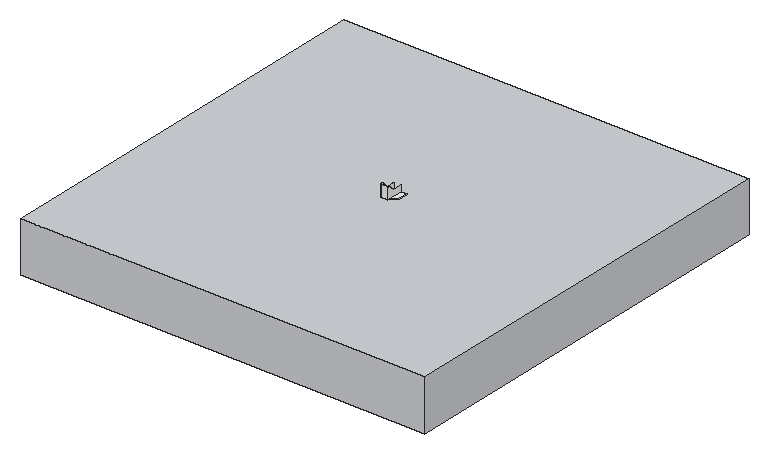
Revit family "JOMA_Balksko kombi_Grundform 238", category Structural Connections, host Face, Revit 2012
Parameters (values of type "5240099  40x99")
  Y = 52 mm
  X = 35 mm
  Vikt = "0,24"
  Typ = "GRUNDFORM 238"
  Spikmönster 2 [instance] = no
  Spikmönster 1 [instance] = no
  Spik/skruv i sekundär [instance] = "ANKARSPIK 4,0x40"
  Spik/skruv i primär [instance] = "ANKARSPIK 4,0x40"
  Material = Varmförzinkad stålplåt
  Länk Joma Dimensioneringsverktyg = "http://www.joma.se/dimensioneringsverktyg"
  Grundform 238 = yes
  F = 70 mm
  E = 37 mm
  Default Elevation = 1219.2 mm
  D = 37 mm
  Bultplacering 2 [instance] = no
  Bultplacering 1 [instance] = no
  Bult [instance] = "BULT M8"
  B = 99 mm
  Antal spik/skruv i sekundär [instance] = if(and(Spikmönster 1, Grundform 238), 4, if(and(Spikmönster 2, Grundform 238), 2, if(and(Bultplacering 1, Grundform 238), 4, 0)))  # 0
  Antal spik/skruv i primär [instance] = if(and(Spikmönster 1, Grundform 238), 6, if(and(Spikmönster 2, Grundform 238), 4, if(and(Bultplacering 1, Grundform 238), 1, 0)))  # 0
  A = 40 mm
  238 Spikmönster 2 [instance] = and(Grundform 238, Spikmönster 2, not(or(Spikmönster 1, Bultplacering 1, Bultplacering 2)))  # no
  238 Spikmönster 1 [instance] = and(Grundform 238, Spikmönster 1, not(or(Spikmönster 2, Bultplacering 1, Bultplacering 2)))  # no
  238 Bultplacering 1 [instance] = and(Grundform 238, Bultplacering 1, not(or(Spikmönster 1, Spikmönster 2, Bultplacering 2)))  # no
Types (4, lengths in mm): name | B | A
  5240099  40x99 | 99 | 40
  5245096  45x96 | 96 | 45
  5248095  48x95 | 95 | 48
  5251093  51x93 | 93 | 51
Reference planes
  plane 1 "Center (Front/Back)": y = 0
  plane 2: z = 0
  plane 3 "Center (Left/Right)": x = 0
  plane 4: x = -20
  plane 5: x = 20
  plane 6: y = -2
  plane 7: x = -22
  plane 8: x = 22
  plane 9: y = 97
  plane 10: z = 2
  plane 11: z = 72
  plane 12: y = 10
  plane 13: y = 45
  plane 14: x = 57
  plane 15: x = -57
  plane 16: z = 37
Forms (mm)
  Extrusion 1, solid
    sketch origin (0, 0, 0) x (1, 0, 0) y (0, 1, 0)
      loop
        line (-1219.2, 1219.2) -> (-1219.2, -1219.2) -> (1219.2, -1219.2) -> (1219.2, 1219.2) -> (-1219.2, 1219.2)
    from 0 to -304.8
  Extrusion 2, solid, material "Varmförzinkad stålplåt" <- "Material"
    sketch origin (0, 0, 0) x (1, 0, 0) y (0, 1, 0)
      loop
        line (-20, 97) -> (-22, 97) -> (-22, 0)
        arc (-22, 0) -> (-21.414, -1.414) -> (-20, -2) r 2
        line (-20, -2) -> (20.004, -2)
        arc (20.004, -2) -> (21.415, -1.415) -> (22, -0.004) r 1.996
        line (22, -0.004) -> (22, 97) -> (20, 97) -> (20, 0) -> (-20, 0) -> (-20, 97)
    from 2 to 72
  Extrusion 3, solid, material "Varmförzinkad stålplåt" <- "Material"
    sketch origin (0, 0, 0) x (1, 0, 0) y (0, 1, 0)
      loop
        line (20, 97) -> (20, 10) -> (57, 10) -> (57, 97) -> (20, 97)
    from 0 to 2
  Extrusion 4, void
    sketch origin (0, 0, 0) x (1, 0, 0) y (0, 1, 0)
      loop
        line (22, 10) -> (57, 10) -> (57, 45) -> (22, 10)
    from 0 to 2
  Extrusion 5, solid, material "Varmförzinkad stålplåt" <- "Material"
    sketch origin (0, 0, 0) x (-1, 0, 0) y (0, -1, 0)
      loop
        line (20, -97) -> (57, -97) -> (57, -10) -> (20, -10) -> (20, -97)
    from 0 to 2
  Extrusion 6, void
    sketch origin (0, 0, 0) x (1, 0, 0) y (0, 1, 0)
      loop
        line (-22, 10) -> (-57, 45) -> (-57, 10) -> (-22, 10)
    from 0 to 250
  Extrusion 7, void
    sketch origin (0, 0, 0) x (0, 1, 0) y (0, 0, 1)
      loop
        line (97, 72) -> (10, 72) -> (45, 37) -> (97, 37) -> (97, 72)
    from -22 to 22
  Extrusion 8, void
    sketch origin (0, 0, 0) x (1, 0, 0) y (0, 0, 1)
      loop
        arc (22, 0) -> (20.586, 0.586) -> (20, 2) r 2
        line (20, 2) -> (20, 0) -> (22, 0)
    from -97 to -10
  Extrusion 9, void
    sketch origin (0, 0, 0) x (1, 0, 0) y (0, 0, 1)
      loop
        arc (-20, 2) -> (-20.586, 0.586) -> (-22, 0) r 2
        line (-22, 0) -> (-20, 0) -> (-20, 2)
    from -97 to -10
Cuts and joins
  Extrusion 7 cuts Extrusion 2
  Extrusion 4, Extrusion 8 cuts Extrusion 3
  Extrusion 6, Extrusion 9 cuts Extrusion 5
  joined: Extrusion 2, Extrusion 3, Extrusion 5
Lines and regions (mm)
  symbolic lines, visible <- "Grundform 238"
    curve 1: circle (-31.5, 90.5, 0) r 2.5 normal (0, 0, 1)
    curve 2: circle (-49, 80.5, 0) r 2.5 normal (0, 0, 1)
    curve 3: circle (-31.5, 70.5, 0) r 2.5 normal (0, 0, 1)
    curve 4: circle (-49, 60.5, 0) r 2.5 normal (0, 0, 1)
    curve 5: circle (-31.5, 50.5, 0) r 2.5 normal (0, 0, 1)
    curve 6: circle (-31.5, 30.5, 0) r 2.5 normal (0, 0, 1)
    curve 7: circle (-40, 56, 0) r 4.5 normal (0, 0, 1)
    curve 15: circle (0, 90.5, 29) r 2.5 normal (1, 0, 0)
    curve 16: circle (0, 70.5, 29) r 2.5 normal (1, 0, 0)
    curve 17: circle (0, 50.5, 29) r 2.5 normal (1, 0, 0)
    curve 18: circle (0, 30.5, 29) r 2.5 normal (1, 0, 0)
    curve 23: circle (31.5, 90.5, 0) r 2.5 normal (0, 0, -1)
    curve 24: circle (49, 80.5, 0) r 2.5 normal (0, 0, -1)
    curve 25: circle (31.5, 70.5, 0) r 2.5 normal (0, 0, -1)
    curve 26: circle (49, 60.5, 0) r 2.5 normal (0, 0, -1)
    curve 27: circle (31.5, 50.5, 0) r 2.5 normal (0, 0, -1)
    curve 28: circle (31.5, 30.5, 0) r 2.5 normal (0, 0, -1)
    curve 29: circle (40, 56, 0) r 4.5 normal (0, 0, -1)
  symbolic lines, visible <- "Grundform 238", not visible
    curve 8: circle (-31.5, 90.5, 0) r 2.5 normal (0, 0, 1)
    curve 9: circle (-49, 80.5, 0) r 2.5 normal (0, 0, 1)
    curve 10: circle (-31.5, 70.5, 0) r 2.5 normal (0, 0, 1)
    curve 11: circle (-49, 60.5, 0) r 2.5 normal (0, 0, 1)
    curve 12: circle (-31.5, 50.5, 0) r 2.5 normal (0, 0, 1)
    curve 13: circle (-31.5, 30.5, 0) r 2.5 normal (0, 0, 1)
    curve 14: circle (-40, 56, 0) r 4.5 normal (0, 0, 1)
    curve 19: circle (0, 90.5, 29) r 2.5 normal (1, 0, 0)
    curve 20: circle (0, 70.5, 29) r 2.5 normal (1, 0, 0)
    curve 21: circle (0, 50.5, 29) r 2.5 normal (1, 0, 0)
    curve 22: circle (0, 30.5, 29) r 2.5 normal (1, 0, 0)
    curve 30: circle (726.5, 90.5, 0) r 2.5 normal (0, 0, -1)
    curve 31: circle (744, 80.5, 0) r 2.5 normal (0, 0, -1)
    curve 32: circle (726.5, 70.5, 0) r 2.5 normal (0, 0, -1)
    curve 33: circle (744, 60.5, 0) r 2.5 normal (0, 0, -1)
    curve 34: circle (726.5, 50.5, 0) r 2.5 normal (0, 0, -1)
    curve 35: circle (726.5, 30.5, 0) r 2.5 normal (0, 0, -1)
    curve 36: circle (735, 56, 0) r 4.5 normal (0, 0, -1)
Text (mm)
  text "Primärbalk" at (328.941, 539.253, 0), in view "Ref. Level"
  text "Sekundärbalk" at (0, -172.393, 341.357), in view "Left"
Dimensions and locks
  equal spacing: plane 4, plane 3 "Center (Left/Right)", plane 5
  "A": plane 4 to plane 5
  "B": plane 9 to plane 6
  plane 7 to plane 4 = 2 mm
  plane 5 to plane 8 = 2 mm
  plane 1 "Center (Front/Back)" to plane 6 = 2 mm
  plane 10 to Extrusion 1 = 2 mm
  "F": plane 11 to plane 10
  "Y": plane 9 to plane 13
  "X": plane 12 to plane 13
  "D": plane 5 to plane 14
  "D": plane 15 to plane 4
  "E": plane 16 to Extrusion 1
  locked: plane 9 to curve 15 at 6.5
  locked: plane 16 to curve 15 at 8
  locked: plane 9 to curve 1 at 6.5
  locked: plane 15 to curve 2 at 8
  locked: curve 24 to plane 14 at 8
  locked: plane 9 to curve 23 at 6.5
  aligned and locked: plane 2 to Extrusion 1
  aligned and locked: level to Extrusion 1
  aligned and locked: Extrusion 2 to plane 7
  aligned and locked: plane 9 to Extrusion 2  (x2)
  aligned and locked: plane 8 to Extrusion 2
  aligned and locked: Extrusion 2 to plane 5
  aligned and locked: Extrusion 2 to plane 6
  aligned and locked: Extrusion 2 to plane 1 "Center (Front/Back)"
  aligned and locked: plane 4 to Extrusion 2
  aligned and locked: plane 11 to Extrusion 2
  aligned and locked: Extrusion 2 to Extrusion 7
  aligned and locked: Extrusion 7 to Extrusion 2
  aligned and locked: Extrusion 8 to plane 5
  aligned and locked: Extrusion 8 to level
  aligned and locked: plane 9 to Extrusion 8
  aligned and locked: plane 12 to Extrusion 8
  aligned and locked: Extrusion 5 to Extrusion 6
  aligned and locked: plane 9 to Extrusion 5
  aligned and locked: plane 4 to Extrusion 5
  aligned and locked: plane 12 to Extrusion 5
  aligned and locked: plane 15 to Extrusion 6
  aligned and locked: plane 12 to Extrusion 6
  aligned and locked: plane 4 to Extrusion 9
  aligned and locked: Extrusion 9 to level
  aligned and locked: Extrusion 8 to plane 2
  aligned and locked: plane 9 to Extrusion 9
  aligned and locked: plane 12 to Extrusion 9
Automatic sketch dimensions
  Extrusion 1 sketch curve to Extrusion 1 sketch curve = 2438.4 mm  (x2)
  curve 4 to curve 2 = 0 mm
  curve 4 to curve 7 = 9 mm
  curve 7 to curve 5 = 8.5 mm
  curve 6 to curve 5 = 0 mm
  curve 7 to curve 3 = 8.5 mm
  curve 1 to curve 3 = 0 mm
  curve 6 to curve 5 = 20 mm
  curve 5 to curve 7 = 5.5 mm
  curve 7 to curve 4 = 4.5 mm
  curve 7 to curve 3 = 14.5 mm
  curve 4 to curve 2 = 20 mm
  curve 3 to curve 1 = 20 mm
  curve 11 to curve 9 = 0 mm
  curve 11 to curve 14 = 9 mm
  curve 14 to curve 12 = 8.5 mm
  curve 13 to curve 12 = 0 mm
  curve 14 to curve 10 = 8.5 mm
  curve 8 to curve 10 = 0 mm
  curve 13 to curve 12 = 20 mm
  curve 12 to curve 14 = 5.5 mm
  curve 14 to curve 11 = 4.5 mm
  curve 14 to curve 10 = 14.5 mm
  curve 11 to curve 9 = 20 mm
  curve 10 to curve 8 = 20 mm
  curve 18 to curve 17 = 20 mm
  curve 17 to curve 16 = 20 mm
  curve 16 to curve 15 = 20 mm
  curve 17 to curve 16 = 0 mm
  curve 18 to curve 17 = 0 mm
  curve 16 to curve 15 = 0 mm
  curve 22 to curve 21 = 20 mm
  curve 21 to curve 20 = 20 mm
  curve 20 to curve 19 = 20 mm
  curve 21 to curve 20 = 0 mm
  curve 22 to curve 21 = 0 mm
  curve 20 to curve 19 = 0 mm
  curve 26 to curve 24 = 20 mm  (x2)
  curve 26 to curve 29 = 10.062 mm
  curve 29 to curve 27 = 10.124 mm
  curve 28 to curve 27 = 20 mm  (x2)
  curve 29 to curve 25 = 16.808 mm  (x2)
  curve 23 to curve 25 = 20 mm
  curve 27 to curve 29 = 10.124 mm
  curve 29 to curve 26 = 10.062 mm
  curve 25 to curve 23 = 20 mm
  plane 1 "Center (Front/Back)" to Extrusion 2 sketch curve = 0 mm  (x2)
  Extrusion 2 sketch curve to plane 7 = 0 mm
  Extrusion 2 sketch curve to plane 4 = 0 mm  (x2)
  Extrusion 2 sketch curve to plane 5 = 0 mm
  Extrusion 2 sketch curve to plane 8 = 0 mm
  Extrusion 2 sketch curve to plane 9 = 0 mm  (x2)
  plane 5 to Extrusion 2 sketch curve = 0.004 mm
  Extrusion 3 sketch curve to plane 5 = 0 mm
  plane 12 to Extrusion 3 sketch curve = 0 mm
  Extrusion 3 sketch curve to plane 14 = 0 mm
  Extrusion 3 sketch curve to plane 9 = 0 mm
  Extrusion 4 sketch curve to plane 8 = 0 mm
  plane 12 to Extrusion 4 sketch curve = 0 mm
  Extrusion 4 sketch curve to plane 14 = 0 mm
  plane 13 to Extrusion 4 sketch curve = 0 mm
  Extrusion 5 sketch curve to plane 4 = 0 mm
  plane 12 to Extrusion 5 sketch curve = 0 mm
  Extrusion 5 sketch curve to plane 15 = 0 mm
  Extrusion 5 sketch curve to plane 9 = 0 mm
  plane 13 to Extrusion 6 sketch curve = 0 mm
  Extrusion 6 sketch curve to plane 15 = 0 mm
  Extrusion 6 sketch curve to plane 7 = 0 mm
  plane 12 to Extrusion 6 sketch curve = 0 mm
  Extrusion 7 sketch curve to plane 11 = 0 mm
  Extrusion 7 sketch curve to plane 12 = 0 mm
  Extrusion 7 sketch curve to plane 13 = 0 mm
  Extrusion 7 sketch curve to plane 9 = 0 mm
  Extrusion 7 sketch curve to plane 16 = 0 mm
  Extrusion 8 sketch curve to level = 0 mm
  Extrusion 8 sketch curve to plane 5 = 0 mm
  Extrusion 8 sketch curve to plane 8 = 0 mm
  Extrusion 9 sketch curve to plane 7 = 0 mm
  Extrusion 9 sketch curve to level = 0 mm
  Extrusion 9 sketch curve to plane 4 = 0 mm
  curve 33 to curve 31 = 20 mm  (x2)
  curve 33 to curve 36 = 10.062 mm
  curve 36 to curve 34 = 10.124 mm
  curve 35 to curve 34 = 20 mm  (x2)
  curve 36 to curve 32 = 16.808 mm  (x2)
  curve 30 to curve 32 = 20 mm
  curve 34 to curve 36 = 10.124 mm
  curve 36 to curve 33 = 10.062 mm
  curve 32 to curve 30 = 20 mm
  radius of curve 1 = 2.5 mm
  radius of curve 2 = 2.5 mm
  radius of curve 3 = 2.5 mm
  radius of curve 4 = 2.5 mm
  radius of curve 5 = 2.5 mm
  radius of curve 6 = 2.5 mm
  radius of curve 7 = 4.5 mm
  radius of curve 8 = 2.5 mm
  radius of curve 9 = 2.5 mm
  radius of curve 10 = 2.5 mm
  radius of curve 11 = 2.5 mm
  radius of curve 12 = 2.5 mm
  radius of curve 13 = 2.5 mm
  radius of curve 14 = 4.5 mm
  radius of curve 15 = 2.5 mm
  radius of curve 16 = 2.5 mm
  radius of curve 17 = 2.5 mm
  radius of curve 18 = 2.5 mm
  radius of curve 19 = 2.5 mm
  radius of curve 20 = 2.5 mm
  radius of curve 21 = 2.5 mm
  radius of curve 22 = 2.5 mm
  radius of curve 23 = 2.5 mm
  radius of curve 24 = 2.5 mm
  radius of curve 25 = 2.5 mm
  radius of curve 26 = 2.5 mm
  radius of curve 27 = 2.5 mm
  radius of curve 28 = 2.5 mm
  radius of curve 29 = 4.5 mm
  radius of curve 30 = 2.5 mm
  radius of curve 31 = 2.5 mm
  radius of curve 32 = 2.5 mm
  radius of curve 33 = 2.5 mm
  radius of curve 34 = 2.5 mm
  radius of curve 35 = 2.5 mm
  radius of curve 36 = 4.5 mm
Nested families
  nested 1: "Spikmönster" at (0, 90.5, 29) x (0, -1, 0) z (1, 0, 0), visible <- "238 Spikmönster 1", type "Ø5"
  nested 2: "Spikmönster" at (0, 70.5, 29) x (0, -1, 0) z (1, 0, 0), visible <- "238 Spikmönster 1", type "Ø5"
  nested 3: "Spikmönster" at (0, 50.5, 29) x (0, -1, 0) z (1, 0, 0), visible <- "238 Spikmönster 1", type "Ø5"
  nested 4: "Spikmönster" at (0, 30.5, 29) x (0, -1, 0) z (1, 0, 0), visible <- "238 Spikmönster 1", type "Ø5"
  nested 5: "Spikmönster" at (0, 90.5, 29) x (0, -1, 0) z (1, 0, 0), visible <- "238 Spikmönster 2", type "Ø5"
  nested 6: "Spikmönster" at (0, 50.5, 29) x (0, -1, 0) z (1, 0, 0), visible <- "238 Spikmönster 2", type "Ø5"
  nested 7: "Spikmönster" at (0, 90.5, 29) x (0, -1, 0) z (1, 0, 0), visible <- "238 Bultplacering 1", type "Ø5"
  nested 8: "Spikmönster" at (0, 70.5, 29) x (0, -1, 0) z (1, 0, 0), visible <- "238 Bultplacering 1", type "Ø5"
  nested 9: "Spikmönster" at (0, 50.5, 29) x (0, -1, 0) z (1, 0, 0), visible <- "238 Bultplacering 1", type "Ø5"
  nested 10: "Spikmönster" at (0, 30.5, 29) x (0, -1, 0) z (1, 0, 0), visible <- "238 Bultplacering 1", type "Ø5"
  nested 11: "Spikmönster" at (0, 90.5, 29) x (0, -1, 0) z (1, 0, 0), visible <- "238 Spikmönster 1", type "Ø5", not visible
  nested 12: "Spikmönster" at (0, 70.5, 29) x (0, -1, 0) z (1, 0, 0), visible <- "238 Spikmönster 1", type "Ø5", not visible
  nested 13: "Spikmönster" at (0, 50.5, 29) x (0, -1, 0) z (1, 0, 0), visible <- "238 Spikmönster 1", type "Ø5", not visible
  nested 14: "Spikmönster" at (0, 30.5, 29) x (0, -1, 0) z (1, 0, 0), visible <- "238 Spikmönster 1", type "Ø5", not visible
  nested 15: "Spikmönster" at (0, 90.5, 29) x (0, -1, 0) z (1, 0, 0), visible <- "238 Spikmönster 2", type "Ø5", not visible
  nested 16: "Spikmönster" at (0, 50.5, 29) x (0, -1, 0) z (1, 0, 0), visible <- "238 Spikmönster 2", type "Ø5", not visible
  nested 17: "Spikmönster" at (0, 90.5, 29) x (0, -1, 0) z (1, 0, 0), visible <- "238 Bultplacering 1", type "Ø5", not visible
  nested 18: "Spikmönster" at (0, 70.5, 29) x (0, -1, 0) z (1, 0, 0), visible <- "238 Bultplacering 1", type "Ø5", not visible
  nested 19: "Spikmönster" at (0, 50.5, 29) x (0, -1, 0) z (1, 0, 0), visible <- "238 Bultplacering 1", type "Ø5", not visible
  nested 20: "Spikmönster" at (0, 30.5, 29) x (0, -1, 0) z (1, 0, 0), visible <- "238 Bultplacering 1", type "Ø5", not visible
  nested 21: "Spikmönster" at (-49, 80.5, 0), visible <- "238 Spikmönster 1", type "Ø5"
  nested 22: "Spikmönster" at (-49, 60.5, 0), visible <- "238 Spikmönster 1", type "Ø5"
  nested 23: "Spikmönster" at (-31.5, 90.5, 0), visible <- "238 Spikmönster 1", type "Ø5"
  nested 24: "Spikmönster" at (-31.5, 70.5, 0), visible <- "238 Spikmönster 1", type "Ø5"
  nested 25: "Spikmönster" at (-31.5, 50.5, 0), visible <- "238 Spikmönster 1", type "Ø5"
  nested 26: "Spikmönster" at (-31.5, 30.5, 0), visible <- "238 Spikmönster 1", type "Ø5"
  nested 27: "Spikmönster" at (-31.5, 90.5, 0), visible <- "238 Spikmönster 2", type "Ø5"
  nested 28: "Spikmönster" at (-31.5, 70.5, 0), visible <- "238 Spikmönster 2", type "Ø5"
  nested 29: "Spikmönster" at (-31.5, 50.5, 0), visible <- "238 Spikmönster 2", type "Ø5"
  nested 30: "Spikmönster" at (-31.5, 30.5, 0), visible <- "238 Spikmönster 2", type "Ø5"
  nested 31: "Spikmönster" at (-40, 56, 0), visible <- "238 Bultplacering 1", type "Ø9"
  nested 32: "Spikmönster" at (-49, 80.5, 0), visible <- "238 Spikmönster 1", type "Ø5", not visible
  nested 33: "Spikmönster" at (-49, 60.5, 0), visible <- "238 Spikmönster 1", type "Ø5", not visible
  nested 34: "Spikmönster" at (-31.5, 90.5, 0), visible <- "238 Spikmönster 1", type "Ø5", not visible
  nested 35: "Spikmönster" at (-31.5, 70.5, 0), visible <- "238 Spikmönster 1", type "Ø5", not visible
  nested 36: "Spikmönster" at (-31.5, 50.5, 0), visible <- "238 Spikmönster 1", type "Ø5", not visible
  nested 37: "Spikmönster" at (-31.5, 30.5, 0), visible <- "238 Spikmönster 1", type "Ø5", not visible
  nested 38: "Spikmönster" at (-31.5, 90.5, 0), visible <- "238 Spikmönster 2", type "Ø5", not visible
  nested 39: "Spikmönster" at (-31.5, 70.5, 0), visible <- "238 Spikmönster 2", type "Ø5", not visible
  nested 40: "Spikmönster" at (-31.5, 50.5, 0), visible <- "238 Spikmönster 2", type "Ø5", not visible
  nested 41: "Spikmönster" at (-31.5, 30.5, 0), visible <- "238 Spikmönster 2", type "Ø5", not visible
  nested 42: "Spikmönster" at (-40, 56, 0), visible <- "238 Bultplacering 1", type "Ø9", not visible
  nested 43: "Spikmönster" at (49, 80.5, 0), visible <- "238 Spikmönster 1", type "Ø5"
  nested 44: "Spikmönster" at (49, 60.5, 0), visible <- "238 Spikmönster 1", type "Ø5"
  nested 45: "Spikmönster" at (31.5, 90.5, 0), visible <- "238 Spikmönster 1", type "Ø5"
  nested 46: "Spikmönster" at (31.5, 70.5, 0), visible <- "238 Spikmönster 1", type "Ø5"
  nested 47: "Spikmönster" at (31.5, 50.5, 0), visible <- "238 Spikmönster 1", type "Ø5"
  nested 48: "Spikmönster" at (31.5, 30.5, 0), visible <- "238 Spikmönster 1", type "Ø5"
  nested 49: "Spikmönster" at (31.5, 90.5, 0), visible <- "238 Spikmönster 2", type "Ø5"
  nested 50: "Spikmönster" at (31.5, 70.5, 0), visible <- "238 Spikmönster 2", type "Ø5"
  nested 51: "Spikmönster" at (31.5, 50.5, 0), visible <- "238 Spikmönster 2", type "Ø5"
  nested 52: "Spikmönster" at (31.5, 30.5, 0), visible <- "238 Spikmönster 2", type "Ø5"
  nested 53: "Spikmönster" at (40, 56, 0), visible <- "238 Bultplacering 1", type "Ø9"
  nested 54: "Spikmönster" at (744, 80.5, 0), visible <- "238 Spikmönster 1", type "Ø5", not visible
  nested 55: "Spikmönster" at (744, 60.5, 0), visible <- "238 Spikmönster 1", type "Ø5", not visible
  nested 56: "Spikmönster" at (726.5, 90.5, 0), visible <- "238 Spikmönster 1", type "Ø5", not visible
  nested 57: "Spikmönster" at (726.5, 70.5, 0), visible <- "238 Spikmönster 1", type "Ø5", not visible
  nested 58: "Spikmönster" at (726.5, 50.5, 0), visible <- "238 Spikmönster 1", type "Ø5", not visible
  nested 59: "Spikmönster" at (726.5, 30.5, 0), visible <- "238 Spikmönster 1", type "Ø5", not visible
  nested 60: "Spikmönster" at (726.5, 90.5, 0), visible <- "238 Spikmönster 2", type "Ø5", not visible
  nested 61: "Spikmönster" at (726.5, 70.5, 0), visible <- "238 Spikmönster 2", type "Ø5", not visible
  nested 62: "Spikmönster" at (726.5, 50.5, 0), visible <- "238 Spikmönster 2", type "Ø5", not visible
  nested 63: "Spikmönster" at (726.5, 30.5, 0), visible <- "238 Spikmönster 2", type "Ø5", not visible
  nested 64: "Spikmönster" at (735, 56, 0), visible <- "238 Bultplacering 1", type "Ø9", not visible
Definition of nested family "Spikmönster"
  Parameters (values of type "Ø11")
    Radie = 5.5 mm
  Types (3, lengths in mm): name | Radie
    (no name) | 5.5
    Ø5 | 2.5
    Ø11 | 5.5
  Reference planes
    plane 1 "Center (Front/Back)": y = 0
    plane 2: z = 0
    plane 3 "Center (Left/Right)": x = 0
  Lines and regions (mm)
    Filled region 1, type "Solid Fill - Black", in view "Ref. Level"
      outline origin (0, 0, 0) x (1, 0, 0) y (0, 1, 0)
        loop
          circle (0, 0) r 5.5
  Dimensions and locks
    "Radie": radius of Filled region 1 sketch curve
  Automatic sketch dimensions
    plane 1 "Center (Front/Back)" to Filled region 1 sketch curve = 0 mm
    Filled region 1 sketch curve to plane 3 "Center (Left/Right)" = 0 mm
